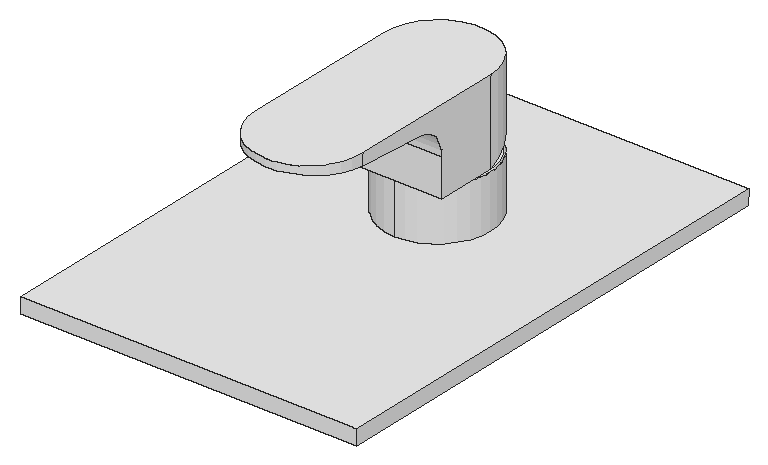
Revit family "Mixer-Bath Shower-Caroma Track", category Plumbing Fixtures, host Face, Revit 2014
Parameters (values of type "Standard")
  Width_ANZRS = 61 mm  # constant formula
  Waste Connection = no
  WELSRating_ANZRS = ""
  Vent Connection = no
  URL = "http://specify.caroma.com.au/products/mixer-taps/track/track-bath-shower-mixer"
  Type Comments = "Caroma Track Bath/Shower Mixer"  # constant formula
  ModifiedIssue_ANZRS = 20150112.01  # constant formula
  Model = "90203C"  # constant formula
  Material_ANZRS = Metal-Chrome-Caroma
  Manufacturer = "GWA Bathrooms & Kitchens"  # constant formula
  Length_ANZRS = 132 mm  # constant formula
  Height_ANZRS = 192 mm  # constant formula
  HWFU = 3
  HW Connection = yes
  Description = "New Track mixers and showers from Australia's leading bathroom brand will lift the feel of any bathroom. Choose the clean, contemporary European design without the European price."  # constant formula
  Default Elevation = 1000 mm
  CreatedBy_ANZRS = "Design Content"  # constant formula
  CreatedByURL_ANZRS = "http://www.designcontent.com.au"
  Cost = 0
  Connector Radius = 10 mm
  CWFU = 3
  CW Connection = yes
  Assembly Code = "C1030210"
Reference planes
  plane 1 "Center (Front/Back)": y = 0
  plane 2: z = 0
  plane 3 "Center (Left/Right)": x = 0
  plane 4 "Left": x = -66
  plane 5 "Right": x = 66
  plane 6 "Top": y = 70
  plane 7 "Bottom": y = -122
Forms (mm)
  Extrusion 1, solid, material "Metal-Chrome-Caroma" <- "Material_ANZRS"
    sketch origin (17.071, -2.929, 0) x (1, 0, 0) y (0, 1, 0)
      loop
        circle (-7.071, -7.071) r 10
    from -20 to 0
  Extrusion 2, solid, material "Metal-Chrome-Caroma" <- "Material_ANZRS"
    sketch origin (-17.071, -17.071, 0) x (-1, 0, 0) y (0, -1, 0)
      loop
        circle (-7.071, -7.071) r 10
    from -20 to 0
  Extrusion 3, solid, material "Metal-Chrome-Caroma" <- "Material_ANZRS"
    sketch origin (-7.071, 2.929, 0) x (-1, 0, 0) y (0, -1, 0)
      loop
        circle (-7.071, -7.071) r 10
    from -20 to 0
  Revolve 4, solid, material "Metal-Chrome-Caroma" <- "Material_ANZRS"
    sketch origin (0, 0, 0) x (0, 1, 0) y (0, 0, 1)
      loop
        line (0, 6) -> (20.95, 6) -> (20.95, 26.738)
        arc (20.95, 26.738) -> (20.803, 27.091) -> (20.45, 27.238) r 0.5
        line (20.45, 27.238) -> (18.466, 27.238)
        arc (18.466, 27.238) -> (17.035, 33.719) -> (13.24, 39.165) r 17.076
        line (13.24, 39.165) -> (0, 39.165) -> (0, 6)
      axis (0, 39.165) -> (0, 6)
    angle from 0 to 360
  Extrusion 5, void
    sketch origin (0, 0, -104.499) x (0, 1, 0) y (0, 0, 1)
      loop
        line (22.981, 143.315) -> (-1.037, 132.117) -> (22.981, 132.117) -> (22.981, 143.315)
      loop
        line (-23.997, 129.949) -> (-23.997, 147.279)
        arc (-23.997, 147.279) -> (-27.221, 155.463) -> (-35.16, 159.249) r 12
        line (-35.16, 159.249) -> (-85.742, 162.786) -> (-85.742, 129.949) -> (-23.997, 129.949)
    from -50 to 50
  Extrusion 6, solid, material "Metal-Chrome-Caroma" <- "Material_ANZRS"
    sketch origin (0, 0, 0) x (1, 0, 0) y (0, 1, 0)
      loop
        line (-66, 70) -> (-66, -122) -> (66, -122) -> (66, 70) -> (-66, 70)
    from 0 to 5.982
  Extrusion 7, solid, material "Metal-Chrome-Caroma" <- "Material_ANZRS"
    sketch origin (0, -0.019, -122.5) x (1, 0, 0) y (0, 1, 0)
      loop
        arc (-21, -62.979) -> (0, -83.979) -> (21, -62.979) r 21
        line (21, -62.979) -> (21, 0.019)
        arc (21, 0.019) -> (0, 21.019) -> (-21, 0.019) r 21
        line (-21, 0.019) -> (-21, -62.979)
    from 150.601 to 183.601
  Revolve 8, solid, material "Metal-Chrome-Caroma" <- "Material_ANZRS", detail levels fine
    sketch origin (0, 0, 0) x (0, 1, 0) y (0, 0, 1)
      loop
        line (-25.113, 43.141) -> (-24.002, 43.141) -> (-24.002, 47.147)
        arc (-24.002, 47.147) -> (-24.83, 45.22) -> (-25.113, 43.141) r 7.78
      axis (-25.113, 43.141) -> (-24.002, 43.141)
    angle from 0 to 360
Cuts and joins
  Extrusion 5 cuts Extrusion 7
  joined: Revolve 4, Extrusion 6, Extrusion 7
Lines and regions (mm)
  Masking region 1
    outline origin (0, 0, 0) x (1, 0, 0) y (0, 1, 0)
      loop
        line (-66, 70) -> (-66, -122) -> (66, -122) -> (66, 70) -> (-66, 70)
  Masking region 2
    outline origin (0, 0, 0) x (0, 1, 0) y (0, 0, 1)
      loop
        line (-122, 0) -> (70, 0) -> (70, 5.982) -> (20.95, 5.982) -> (20.95, 26.731)
        arc (20.95, 26.731) -> (20.803, 27.085) -> (20.45, 27.231) r 0.5
        line (20.45, 27.231) -> (18.466, 27.231)
        arc (18.466, 27.231) -> (17.771, 31.556) -> (16.062, 35.59) r 18.186
        line (16.062, 35.59) -> (21, 37.892) -> (21, 61.101) -> (-83.998, 61.101) -> (-83.998, 58.165) -> (-35.16, 54.75)
        arc (-35.16, 54.75) -> (-27.221, 50.963) -> (-23.997, 42.779) r 12
        line (-23.997, 42.779) -> (-23.997, 28.101) -> (-18.411, 28.101)
        arc (-18.411, 28.101) -> (-18.444, 27.666) -> (-18.466, 27.231) r 18.186
        line (-18.466, 27.231) -> (-20.45, 27.231)
        arc (-20.45, 27.231) -> (-20.803, 27.085) -> (-20.95, 26.731) r 0.5
        line (-20.95, 26.731) -> (-20.95, 5.982) -> (-122, 5.982) -> (-122, 0)
  Masking region 3
    outline origin (0, 0, 0) x (1, 0, 0) y (0, 0, 1)
      loop
        line (-66, 0) -> (66, 0) -> (66, 5.982) -> (20.95, 5.982) -> (20.95, 26.731)
        arc (20.95, 26.731) -> (20.803, 27.085) -> (20.45, 27.231) r 0.5
        line (20.45, 27.231) -> (18.466, 27.231)
        arc (18.466, 27.231) -> (18.448, 27.666) -> (18.425, 28.101) r 41.799
        line (18.425, 28.101) -> (21, 28.101) -> (21, 61.101) -> (0, 61.101) -> (-21, 61.101) -> (-21, 28.101) -> (-18.425, 28.101)
        arc (-18.425, 28.101) -> (-18.448, 27.666) -> (-18.466, 27.231) r 41.799
        line (-18.466, 27.231) -> (-20.45, 27.231)
        arc (-20.45, 27.231) -> (-20.803, 27.085) -> (-20.95, 26.731) r 0.5
        line (-20.95, 26.731) -> (-20.95, 5.982) -> (-66, 5.982) -> (-66, 0)
  symbolic lines, style "Taps/Mixers"
    curve 1: line (-21, 0, 0) -> (-21, -62.998, 0)
    curve 2: arc (21, 0, 0) -> (0, 21, 0) -> (-21, 0, 0) r 21
    curve 3: line (21, -62.998, 0) -> (21, 0, 0)
    curve 4: arc (-21, -62.998, 0) -> (0, -83.998, 0) -> (21, -62.998, 0) r 21
    curve 5: line (0, 16.062, 35.59) -> (0, 0, 28.101)
    curve 6: line (0, 0, 28.101) -> (0, -18.411, 28.101)
    curve 7: line (0, 18.466, 27.231) -> (0, -18.466, 27.231)
    curve 8: line (0, 20.95, 5.982) -> (0, -20.95, 5.982)
    curve 9: line (20.95, 0, 5.982) -> (-20.95, 0, 5.982)
    curve 10: line (-11.371, 0, 27.231) -> (18.466, 0, 27.231)
    curve 11: line (21, 0, 28.101) -> (18.431, 0, 28.101)
    curve 12: spline (0, 0, 35.59) -> (2.351, 0, 35.53) -> (4.665, 0, 35.344) -> (6.904, 0, 35.035) -> (9.03, 0, 34.606) -> (11.009, 0, 34.066) -> (12.808, 0, 33.424) -> (14.398, 0, 32.69) -> (15.752, 0, 31.875) -> (16.848, 0, 30.994) -> (17.668, 0, 30.061) -> (18.199, 0, 29.091) -> (18.431, 0, 28.101)
    curve 13: spline (21, 0, 28.101) -> (20.82, 0, 29.377) -> (20.284, 0, 30.632) -> (19.401, 0, 31.843) -> (18.187, 0, 32.991) -> (16.66, 0, 34.054) -> (14.849, 0, 35.016) -> (12.784, 0, 35.859) -> (10.5, 0, 36.57) -> (8.036, 0, 37.136) -> (5.435, 0, 37.547) -> (2.741, 0, 37.796) -> (0, 0, 37.88)
    curve 14: spline (0, 0, 37.88) -> (-2.741, 0, 37.796) -> (-5.435, 0, 37.547) -> (-8.036, 0, 37.136) -> (-10.5, 0, 36.57) -> (-12.784, 0, 35.859) -> (-14.849, 0, 35.016) -> (-16.66, 0, 34.054) -> (-18.187, 0, 32.991) -> (-19.401, 0, 31.843) -> (-20.284, 0, 30.632) -> (-20.82, 0, 29.377) -> (-21, 0, 28.101)
    curve 15: line (-11.371, 0, 27.231) -> (-18.466, 0, 27.231)
    curve 16: line (-21, 0, 28.101) -> (-18.431, 0, 28.101)
    curve 17: spline (0, 0, 35.59) -> (-2.351, 0, 35.53) -> (-4.665, 0, 35.344) -> (-6.904, 0, 35.035) -> (-9.03, 0, 34.606) -> (-11.009, 0, 34.066) -> (-12.808, 0, 33.424) -> (-14.398, 0, 32.69) -> (-15.752, 0, 31.875) -> (-16.848, 0, 30.994) -> (-17.668, 0, 30.061) -> (-18.199, 0, 29.091) -> (-18.431, 0, 28.101)
Dimensions and locks
  aligned and locked: plane 2 to host face
  aligned and locked: level to host face
Connectors
  piping at (10, -10, -20), diameter 20, driven by "Connector Radius", driven by "CWFU"
    settings: on Extrusion 1, index 3, connector inside diameter 0.7874", connector length 0 mm, flow factor 0, pipe flow 0 GPM, pressure drop 0.00 psi, fitting loss kfactor 0, connector angle 0.00°, fixture units 3, engagement length 0 mm, angle of deflection 0.00°, flow configuration 3, flow direction 1, fitting loss method 101, system type 20, joint type 0, gender type 0, connector reference index -1, connector utility 0, adjustable connector no, is connector primary yes, connector description "Cold Inlet"
  piping at (-10, -10, -20), diameter 20, driven by "Connector Radius", driven by "HWFU"
    settings: on Extrusion 2, index 4, connector inside diameter 0.7874", connector length 0 mm, flow factor 0, pipe flow 0 GPM, pressure drop 0.00 psi, fitting loss kfactor 0, connector angle 0.00°, fixture units 3, engagement length 0 mm, angle of deflection 0.00°, flow configuration 3, flow direction 1, fitting loss method 101, system type 19, joint type 0, gender type 0, connector reference index -1, connector utility 0, adjustable connector no, is connector primary no, connector description "Hot Inlet"
  piping at (0, 10, -20), diameter 20, driven by "Connector Radius", driven by "HWFU"
    settings: on Extrusion 3, index 6, connector inside diameter 0.7874", connector length 0 mm, flow factor 0, pipe flow 0 GPM, pressure drop 0.00 psi, fitting loss kfactor 0, connector angle 0.00°, fixture units 3, engagement length 0 mm, angle of deflection 0.00°, flow configuration 3, flow direction 2, fitting loss method 101, system type 19, joint type 0, gender type 0, connector reference index -1, connector utility 0, adjustable connector no, is connector primary no, connector description "Bath Outlet"
